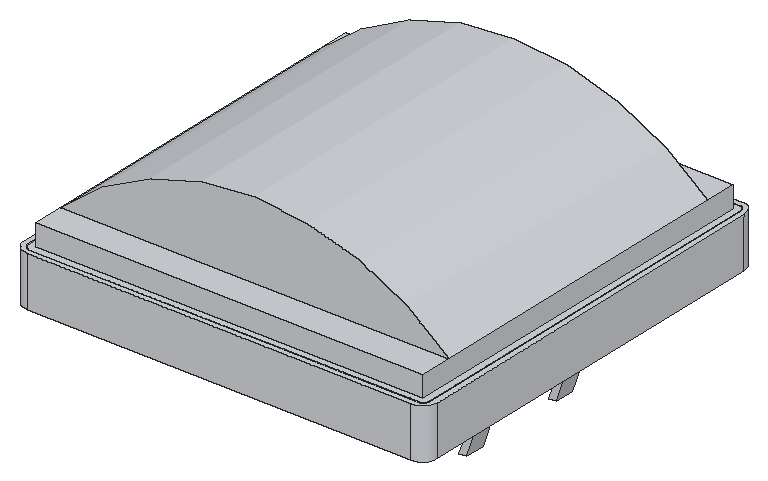
Revit family "Gira_066166", category Electrical Fixtures, host Face, Revit 2017
Family settings
  Host = Face
  Maintain Annotation Orientation = Yes
  Round Connector Dimension = Use Diameter
  Part Type = Normal
  Cut with Voids When Loaded = No
  Shared = No
  Room Calculation Point = No
Parameters (values of type "Automatiksch. Komfort 1,10 m Gira TX_44 (WG UP) Reinweiß")
  Werkstoffgüte = "sonstige"
  Werkstoff = "sonstige"
  Vernetzbar = "Yes"
  Unterkriechschutz/Rückfeldüberwachung = "No"
  URL = "http://katalog.gira.de/de_DE/datenblatt.html?artikelnr=066166"
  Treppenhausüberwachung = "Yes"
  Tierschneise = "Yes"
  Teach-Funktion für Ansprechhelligkeit = "No"
  Region = "DE"
  Name = "Automatiksch. Komfort 1,10 m Gira TX_44 (WG UP) Reinweiß"
  Montagehöhe = "1,1 m"
  Montageart = "unter Putz"
  Min. Einschaltdauer = "10 s"
  Max. Reichweite zu einer Seite = "6 m"
  Max. Reichweite frontal = "10 m"
  Max. Einschaltdauer = "1800 s"
  Manufacturer URL = "https://www.gira.de/"
  Konstantlichtregelung = "No"
  Keynote = "Bewegungsmelder_1,10m"
  HeinzeBIM = "https://bimportal.heinze.de/bim/automatiksch-komfort-1-10-m-gira-tx-44-wg-up-reinweiss/4498e3188235786b2f2d80de8a9c85db3d609a1f"
  Halogenfrei = "Yes"
  HLK-Ansteuerung = "No"
  HAN = "066166"
  Geeignet für drahtlose Übertragung = "No"
  Geeignet für Schutzart (IP) = "IP20"
  GTIN = "4010337661665"
  Farbe = "weiß"
  Erfassungswinkel horizontal = "1 - 180"
  Default Elevation = 1219.2 mm
  Data sheet (1) = "https://katalog.gira.de/de_DE/download.html?artikelnr=066166"
  Category = "Bewegungsmelder-Sensor"
  Available = "Yes"
  Ausführung = "Bewegungsmelder"
  Ansprechhelligkeit einstellbar = "No"
  Ansprechempfindlichkeit einstellbar = "Yes"
  Abdimmfunktion mit Dimmeinsatz = "No"
Reference planes
  plane 1 "Center (Front/Back)": y = 0
  plane 2: z = 0
  plane 3 "Center (Left/Right)": x = 0
Forms (mm)
  Extrusion 1, solid, detail levels fine
    sketch origin (0, 0, 0) x (1, 0, 0) y (0, 0, 1)
      loop
        line (-33.025, 12.126) -> (33.025, 12.126)
        arc (33.025, 12.126) -> (0, 25.3) -> (-33.025, 12.126) r 47.982
    from -27.6 to 27.6
  Extrusion 2, solid, detail levels fine
    sketch origin (0, 0, 0) x (1, 0, 0) y (0, 1, 0)
      loop
        line (33.025, 33.025) -> (-33.025, 33.025) -> (-33.025, -33.025) -> (33.025, -33.025) -> (33.025, 33.025)
    from 8.55 to 12.126
  Extrusion 3, solid, detail levels fine
    sketch origin (0, 0, 0) x (1, 0, 0) y (0, 1, 0)
      loop
        spline (-32.7, 35.2) -> (-33.027, 35.179) -> (-33.347, 35.115) -> (-33.657, 35.01) -> (-33.95, 34.865) -> (-34.222, 34.683) -> (-34.468, 34.468) -> (-34.683, 34.222) -> (-34.865, 33.95) -> (-35.01, 33.657) -> (-35.115, 33.347) -> (-35.179, 33.027) -> (-35.2, 32.7)
        line (-35.2, 32.7) -> (-35.2, -32.7)
        spline (-35.2, -32.7) -> (-35.179, -33.027) -> (-35.115, -33.347) -> (-35.01, -33.657) -> (-34.865, -33.95) -> (-34.683, -34.222) -> (-34.468, -34.468) -> (-34.222, -34.683) -> (-33.95, -34.865) -> (-33.657, -35.01) -> (-33.347, -35.115) -> (-33.027, -35.179) -> (-32.7, -35.2)
        line (-32.7, -35.2) -> (32.7, -35.2)
        spline (32.7, -35.2) -> (33.027, -35.179) -> (33.347, -35.115) -> (33.657, -35.01) -> (33.95, -34.865) -> (34.222, -34.683) -> (34.468, -34.468) -> (34.683, -34.222) -> (34.865, -33.95) -> (35.01, -33.657) -> (35.115, -33.347) -> (35.179, -33.027) -> (35.2, -32.7)
        line (35.2, -32.7) -> (35.2, 32.7)
        spline (35.2, 32.7) -> (35.179, 33.027) -> (35.115, 33.347) -> (35.01, 33.657) -> (34.865, 33.95) -> (34.683, 34.222) -> (34.468, 34.468) -> (34.222, 34.683) -> (33.95, 34.865) -> (33.657, 35.01) -> (33.347, 35.115) -> (33.027, 35.179) -> (32.7, 35.2)
        line (32.7, 35.2) -> (-32.7, 35.2)
      loop
        line (-34.2, 33.2) -> (-34.2, -33.2)
        spline (-34.2, -33.2) -> (-34.191, -33.331) -> (-34.166, -33.459) -> (-34.124, -33.583) -> (-34.066, -33.7) -> (-33.993, -33.809) -> (-33.907, -33.907) -> (-33.809, -33.993) -> (-33.7, -34.066) -> (-33.583, -34.124) -> (-33.459, -34.166) -> (-33.331, -34.191) -> (-33.2, -34.2)
        line (-33.2, -34.2) -> (33.2, -34.2)
        spline (33.2, -34.2) -> (33.331, -34.191) -> (33.459, -34.166) -> (33.583, -34.124) -> (33.7, -34.066) -> (33.809, -33.993) -> (33.907, -33.907) -> (33.993, -33.809) -> (34.066, -33.7) -> (34.124, -33.583) -> (34.166, -33.459) -> (34.191, -33.331) -> (34.2, -33.2)
        line (34.2, -33.2) -> (34.2, 33.2)
        spline (34.2, 33.2) -> (34.191, 33.331) -> (34.166, 33.459) -> (34.124, 33.583) -> (34.066, 33.7) -> (33.993, 33.809) -> (33.907, 33.907) -> (33.809, 33.993) -> (33.7, 34.066) -> (33.583, 34.124) -> (33.459, 34.166) -> (33.331, 34.191) -> (33.2, 34.2)
        line (33.2, 34.2) -> (-33.2, 34.2)
        spline (-33.2, 34.2) -> (-33.331, 34.191) -> (-33.459, 34.166) -> (-33.583, 34.124) -> (-33.7, 34.066) -> (-33.809, 33.993) -> (-33.907, 33.907) -> (-33.993, 33.809) -> (-34.066, 33.7) -> (-34.124, 33.583) -> (-34.166, 33.459) -> (-34.191, 33.331) -> (-34.2, 33.2)
    from 0 to 8.55
  Extrusion 4, solid, detail levels fine
    sketch origin (0, 0, 0) x (1, 0, 0) y (0, 1, 0)
      loop
        line (-34.2, 33.2) -> (-34.2, -33.2)
        spline (-34.2, -33.2) -> (-34.191, -33.331) -> (-34.166, -33.459) -> (-34.124, -33.583) -> (-34.066, -33.7) -> (-33.993, -33.809) -> (-33.907, -33.907) -> (-33.809, -33.993) -> (-33.7, -34.066) -> (-33.583, -34.124) -> (-33.459, -34.166) -> (-33.331, -34.191) -> (-33.2, -34.2)
        line (-33.2, -34.2) -> (33.2, -34.2)
        spline (33.2, -34.2) -> (33.331, -34.191) -> (33.459, -34.166) -> (33.583, -34.124) -> (33.7, -34.066) -> (33.809, -33.993) -> (33.907, -33.907) -> (33.993, -33.809) -> (34.066, -33.7) -> (34.124, -33.583) -> (34.166, -33.459) -> (34.191, -33.331) -> (34.2, -33.2)
        line (34.2, -33.2) -> (34.2, 33.2)
        spline (34.2, 33.2) -> (34.191, 33.331) -> (34.166, 33.459) -> (34.124, 33.583) -> (34.066, 33.7) -> (33.993, 33.809) -> (33.907, 33.907) -> (33.809, 33.993) -> (33.7, 34.066) -> (33.583, 34.124) -> (33.459, 34.166) -> (33.331, 34.191) -> (33.2, 34.2)
        line (33.2, 34.2) -> (-33.2, 34.2)
        spline (-33.2, 34.2) -> (-33.331, 34.191) -> (-33.459, 34.166) -> (-33.583, 34.124) -> (-33.7, 34.066) -> (-33.809, 33.993) -> (-33.907, 33.907) -> (-33.993, 33.809) -> (-34.066, 33.7) -> (-34.124, 33.583) -> (-34.166, 33.459) -> (-34.191, 33.331) -> (-34.2, 33.2)
    from 6.175 to 8.55
  Extrusion 5, solid, detail levels fine
    sketch origin (0, 0, 0) x (1, 0, 0) y (0, 1, 0)
      loop
        spline (-27.7, -27.1) -> (-27.696, -27.165) -> (-27.683, -27.229) -> (-27.662, -27.291) -> (-27.633, -27.35) -> (-27.597, -27.404) -> (-27.554, -27.454) -> (-27.504, -27.497) -> (-27.45, -27.533) -> (-27.391, -27.562) -> (-27.329, -27.583) -> (-27.265, -27.596) -> (-27.2, -27.6)
        line (-27.2, -27.6) -> (27.2, -27.6)
        spline (27.2, -27.6) -> (27.265, -27.596) -> (27.329, -27.583) -> (27.391, -27.562) -> (27.45, -27.533) -> (27.504, -27.497) -> (27.554, -27.454) -> (27.597, -27.404) -> (27.633, -27.35) -> (27.662, -27.291) -> (27.683, -27.229) -> (27.696, -27.165) -> (27.7, -27.1)
        line (27.7, -27.1) -> (27.7, 27.1)
        spline (27.7, 27.1) -> (27.696, 27.165) -> (27.683, 27.229) -> (27.662, 27.291) -> (27.633, 27.35) -> (27.597, 27.404) -> (27.554, 27.454) -> (27.504, 27.497) -> (27.45, 27.533) -> (27.391, 27.562) -> (27.329, 27.583) -> (27.265, 27.596) -> (27.2, 27.6)
        line (27.2, 27.6) -> (-27.2, 27.6)
        spline (-27.2, 27.6) -> (-27.265, 27.596) -> (-27.329, 27.583) -> (-27.391, 27.562) -> (-27.45, 27.533) -> (-27.504, 27.497) -> (-27.554, 27.454) -> (-27.597, 27.404) -> (-27.633, 27.35) -> (-27.662, 27.291) -> (-27.683, 27.229) -> (-27.696, 27.165) -> (-27.7, 27.1)
        line (-27.7, 27.1) -> (-27.7, -27.1)
      loop
        line (26.9, 26.8) -> (-26.9, 26.8) -> (-26.9, -26.8) -> (26.9, -26.8) -> (26.9, 26.8)
    from 0 to 6.175
  Extrusion 6, solid, detail levels fine
    sketch origin (0, 0, 0) x (1, 0, 0) y (0, 1, 0)
      loop
        line (-15.4, -23.928) -> (15.4, -23.928)
        arc (15.4, -23.928) -> (21.43, -21.43) -> (23.928, -15.4) r 8.528
        line (23.928, -15.4) -> (23.928, 15.4)
        arc (23.928, 15.4) -> (21.43, 21.43) -> (15.4, 23.928) r 8.528
        line (15.4, 23.928) -> (-15.4, 23.928)
        arc (-15.4, 23.928) -> (-21.43, 21.43) -> (-23.928, 15.4) r 8.528
        line (-23.928, 15.4) -> (-23.928, -15.4)
        arc (-23.928, -15.4) -> (-21.43, -21.43) -> (-15.4, -23.928) r 8.528
    from -0.985 to 1.6
  Extrusion 7, solid, detail levels fine
    sketch origin (0, 0, 0) x (1, 0, 0) y (0, 1, 0)
      loop
        line (-26.35, 18.301) -> (-26.35, -18.801)
        spline (-26.35, -18.801) -> (-26.286, -19.78) -> (-26.095, -20.742) -> (-25.779, -21.671) -> (-25.345, -22.551) -> (-24.8, -23.366) -> (-24.154, -24.104) -> (-23.416, -24.75) -> (-22.601, -25.295) -> (-21.721, -25.729) -> (-20.792, -26.045) -> (-19.83, -26.236) -> (-18.851, -26.3)
        line (-18.851, -26.3) -> (18.851, -26.3)
        spline (18.851, -26.3) -> (19.83, -26.236) -> (20.792, -26.045) -> (21.721, -25.729) -> (22.601, -25.295) -> (23.416, -24.75) -> (24.154, -24.104) -> (24.8, -23.366) -> (25.345, -22.551) -> (25.779, -21.671) -> (26.094, -20.742) -> (26.286, -19.78) -> (26.35, -18.801)
        line (26.35, -18.801) -> (26.35, 18.301)
        spline (26.35, 18.301) -> (26.286, 19.28) -> (26.094, 20.242) -> (25.779, 21.171) -> (25.345, 22.051) -> (24.8, 22.866) -> (24.154, 23.604) -> (23.416, 24.25) -> (22.601, 24.795) -> (21.721, 25.229) -> (20.792, 25.545) -> (19.83, 25.736) -> (18.851, 25.8)
        line (18.851, 25.8) -> (-18.851, 25.8)
        spline (-18.851, 25.8) -> (-19.83, 25.736) -> (-20.792, 25.545) -> (-21.721, 25.229) -> (-22.601, 24.795) -> (-23.416, 24.25) -> (-24.154, 23.604) -> (-24.8, 22.866) -> (-25.345, 22.051) -> (-25.779, 21.171) -> (-26.095, 20.242) -> (-26.286, 19.28) -> (-26.35, 18.301)
    from 1.6 to 6.1
  Extrusion 8, solid, detail levels fine
    sketch origin (0, 0, 0) x (1, 0, 0) y (0, 0, 1)
      loop
        line (-23.048, -13.343) -> (-21.665, -13.513) -> (-24.338, -6.363) -> (-23.36, 1.6) -> (-25.023, 1.6) -> (-24.975, -1.121) -> (-25.39, -6.541) -> (-23.048, -13.343)
      loop
        line (23.048, -13.343) -> (25.39, -6.541) -> (24.975, -1.121) -> (25.023, 1.6) -> (23.36, 1.6) -> (24.338, -6.363) -> (21.665, -13.513) -> (23.048, -13.343)
    from 7.9 to 11.14
  Extrusion 9, solid, detail levels fine
    sketch origin (0, 0, 0) x (1, 0, 0) y (0, 0, -1)
      loop
        line (-23.048, 13.343) -> (-25.39, 6.541) -> (-24.975, 1.121) -> (-25.023, -1.6) -> (-23.36, -1.6) -> (-24.338, 6.363) -> (-21.665, 13.513) -> (-23.048, 13.343)
      loop
        line (23.048, 13.343) -> (21.665, 13.513) -> (24.338, 6.363) -> (23.36, -1.6) -> (25.023, -1.6) -> (24.975, 1.121) -> (25.39, 6.541) -> (23.048, 13.343)
    from 7.9 to 11.14
  Extrusion 10, solid, detail levels fine
    sketch origin (0, 0, 0) x (1, 0, 0) y (0, 1, 0)
      loop
        line (-5.141, 20.681) -> (-5.141, 15.099)
        spline (-5.141, 15.099) -> (-5.133, 14.968) -> (-5.107, 14.84) -> (-5.065, 14.716) -> (-5.007, 14.599) -> (-4.935, 14.49) -> (-4.849, 14.391) -> (-4.75, 14.305) -> (-4.641, 14.233) -> (-4.524, 14.175) -> (-4.4, 14.133) -> (-4.272, 14.107) -> (-4.141, 14.099)
        line (-4.141, 14.099) -> (4.141, 14.099)
        spline (4.141, 14.099) -> (4.272, 14.107) -> (4.4, 14.133) -> (4.524, 14.175) -> (4.641, 14.233) -> (4.75, 14.305) -> (4.849, 14.391) -> (4.935, 14.49) -> (5.007, 14.599) -> (5.065, 14.716) -> (5.107, 14.84) -> (5.133, 14.968) -> (5.141, 15.099)
        line (5.141, 15.099) -> (5.141, 20.681)
        spline (5.141, 20.681) -> (5.133, 20.812) -> (5.107, 20.94) -> (5.065, 21.064) -> (5.007, 21.181) -> (4.935, 21.29) -> (4.849, 21.389) -> (4.75, 21.475) -> (4.641, 21.547) -> (4.524, 21.605) -> (4.4, 21.647) -> (4.272, 21.673) -> (4.141, 21.681)
        line (4.141, 21.681) -> (-4.141, 21.681)
        spline (-4.141, 21.681) -> (-4.272, 21.673) -> (-4.4, 21.647) -> (-4.524, 21.605) -> (-4.641, 21.547) -> (-4.75, 21.475) -> (-4.849, 21.389) -> (-4.935, 21.29) -> (-5.007, 21.181) -> (-5.065, 21.064) -> (-5.107, 20.94) -> (-5.133, 20.812) -> (-5.141, 20.681)
    from -17.3 to -0.985
  Extrusion 11, solid, detail levels medium
    sketch origin (0, 0, 0) x (1, 0, 0) y (0, 1, 0)
      loop
        line (33.025, 33.025) -> (-33.025, 33.025) -> (-33.025, -33.025) -> (33.025, -33.025) -> (33.025, 33.025)
    from 8.55 to 25.3
  Extrusion 12, solid, detail levels medium
    sketch origin (0, 0, 0) x (1, 0, 0) y (0, 1, 0)
      loop
        line (-35.2, 35.2) -> (-35.2, -35.2) -> (35.2, -35.2) -> (35.2, 35.2) -> (-35.2, 35.2)
    from 0 to 8.55
  Extrusion 13, solid, detail levels medium
    sketch origin (0, 0, 0) x (1, 0, 0) y (0, 0, 1)
      loop
        line (-25.023, 1.6) -> (-25.023, -13.1) -> (-21.665, -13.513) -> (-21.665, 1.6) -> (-25.023, 1.6)
      loop
        line (25.023, 1.6) -> (21.665, 1.6) -> (21.665, -13.513) -> (25.023, -13.1) -> (25.023, 1.6)
    from 8 to 11.14
  Extrusion 14, solid, detail levels medium
    sketch origin (0, 0, 0) x (1, 0, 0) y (0, 0, -1)
      loop
        line (-25.023, -1.6) -> (-21.665, -1.6) -> (-21.665, 13.513) -> (-25.023, 13.1) -> (-25.023, -1.6)
      loop
        line (25.023, -1.6) -> (25.023, 13.1) -> (21.665, 13.513) -> (21.665, -1.6) -> (25.023, -1.6)
    from 8 to 11.14
  Extrusion 15, solid, detail levels medium
    sketch origin (0, 0, 0) x (1, 0, 0) y (0, 1, 0)
      loop
        line (-5.141, 21.681) -> (-5.141, 14.099) -> (5.141, 14.099) -> (5.141, 21.681) -> (-5.141, 21.681)
    from -17.3 to -0.985
  Extrusion 16, solid, detail levels coarse
    sketch origin (0, 0, 0) x (1, 0, 0) y (0, 1, 0)
      loop
        line (-35.2, 35.2) -> (-35.2, -35.2) -> (35.2, -35.2) -> (35.2, 35.2) -> (-35.2, 35.2)
    from -17.3 to 25.3
Dimensions and locks
  aligned and locked: plane 2 to host face
  aligned and locked: level to host face
  aligned and locked: nested 1 to plane 3 "Center (Left/Right)"
  aligned and locked: plane 1 "Center (Front/Back)" to nested 1
Nested families
  nested 1: "Belegungssensor - Bewegung - Aufputz - Beschriftung" at (0, 0, 0) x (0, -1, 0) z (0, 0, 1), type "Belegungssensor - Bewegung - Aufputz - Beschriftung"
Connectors
  electrical at (0, 0, -17.3)
    settings: on Extrusion 16, index 1, voltage 220 V, apparent load 0 VA, apparent load phase1 0 VA, apparent load phase2 0 VA, apparent load phase3 0 VA, power factor 1, load classification "Other", number of poles 1, system type 30, power factor state 1, is connector primary yes, connector utility no, sub classification motor no, connector description ""
Definition of nested family "Belegungssensor - Bewegung - Aufputz - Beschriftung"
  Reference planes
    plane 1: y = 0
    plane 2: x = 0
  Lines and regions (mm)
    Filled region 1, type "Gefüllter Bereich 1"
      outline origin (143.425, -20.712, 0) x (1, 0, 0) y (0, 1, 0)
        loop
          line (-148.697, 21.204) -> (-148.697, 20.409) -> (-147.583, 20.807) -> (-148.697, 21.204)
    Filled region 2, type "Gefüllter Bereich 1"
      outline origin (141.808, 30.001, 0) x (0.939693, 0.34202, 0) y (-0.34202, 0.939693, 0)
        loop
          line (-148.694, 21.203) -> (-148.694, 20.41) -> (-147.583, 20.807) -> (-148.694, 21.203)
    Filled region 3, type "Gefüllter Bereich 1"
      outline origin (141.819, -29.825, 0) x (-0.34202, -0.939693, 0) y (0.939693, -0.34202, 0)
        loop
          line (21.204, -148.697) -> (20.807, -147.583) -> (20.409, -148.697) -> (21.204, -148.697)
    detail lines
      curve 1: line (-1.207, 0.095, 0) -> (-3.486, 1.411, 0)
      curve 2: line (-1.207, 0.095, 0) -> (-3.486, -1.221, 0)
      curve 5: arc (-3.252, 1.752, 0) -> (-3.839, 0.095, 0) -> (-3.252, -1.562, 0) r 2.632
      curve 6: line (-6, 3, 0) -> (0, 3, 0)
      curve 7: line (-6, -3, 0) -> (-6, 3, 0)
      curve 8: line (0, -3, 0) -> (-6, -3, 0)
      curve 9: line (0, 3, 0) -> (0, -3, 0)
    reference lines
      curve 3: line (-1.207, 0.095, 0) -> (-3.616, 2.046, 0)
      curve 4: line (-1.207, 0.095, 0) -> (-3.616, -1.856, 0)
  Dimensions and locks
    curve 1 to curve 1 = 2.632 mm
    curve 2 to curve 2 = 2.632 mm
    curve 6 to curve 8 = 6 mm
    curve 7 to curve 9 = 6 mm
    angle curve 1 to curve 2 = 60.00°
    aligned and locked: curve 6 to curve 7
    aligned and locked: curve 9 to curve 9
